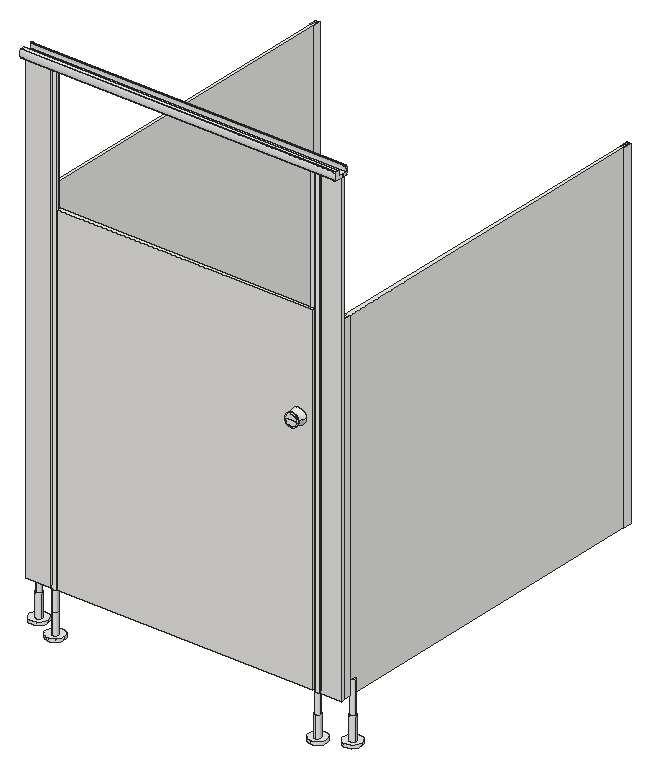
Revit family "Alsanit - Kabiny sanitarne AQUARI PRZEDSZKOLNE - HPL", category Doors, Revit 2020 (continued)
Definition of nested family "front"
  Dimensions and locks
    equal spacing: Sweep 12 sketch curve, plane 19, Sweep 12 sketch curve
    equal spacing: Sweep 12 sketch curve, plane 23, Sweep 12 sketch curve
    equal spacing: Sweep 13 sketch curve, plane 19, Sweep 13 sketch curve
    equal spacing: Sweep 13 sketch curve, plane 22, Sweep 13 sketch curve
    equal spacing: Sweep 15 sketch curve, plane 19, Sweep 15 sketch curve
    equal spacing: Sweep 15 sketch curve, plane 23, Sweep 15 sketch curve
    equal spacing: Sweep 14 sketch curve, plane 22, Sweep 14 sketch curve
    equal spacing: Sweep 14 sketch curve, plane 19, Sweep 14 sketch curve
    "Wysokość zawiasów": plane 26 to level
    equal spacing: Sweep 9 sketch curve, plane 19, Sweep 9 sketch curve
    equal spacing: Sweep 9 sketch curve, plane 23, Sweep 9 sketch curve
    equal spacing: Sweep 16 sketch curve, plane 19, Sweep 16 sketch curve
    locked: Sweep 16 sketch curve to Sweep 16 sketch curve at 9.998
    equal spacing: Sweep 18 sketch curve, plane 19, Sweep 18 sketch curve
    equal spacing: Sweep 18 sketch curve, plane 23, Sweep 18 sketch curve
    locked: Sweep 20 sketch curve to plane 4 at 5
    equal spacing: Sweep 19 sketch curve, plane 19, Sweep 19 sketch curve
    locked: Sweep 19 sketch curve to Sweep 19 sketch curve at 9.998
    equal spacing: Sweep 21 sketch curve, plane 19, Sweep 21 sketch curve
    locked: Sweep 21 sketch curve to Sweep 21 sketch curve at 9.998
    plane 27 to plane 12 = 15.00 mm
    plane 12 to plane 28 = 2.00 mm
    plane 29 to plane 27 = 3.00 mm
    "Średnica zawiasów": diameter of Sweep 10 sketch curve
    "Średnica zawiasów": diameter of Sweep 11 sketch curve
    diameter of Sweep 12 sketch curve = 24.00 mm
    diameter of Sweep 13 sketch curve = 24.00 mm
    "Średnica zawiasów": diameter of Sweep 9 sketch curve
    "Średnica zawiasów": diameter of Sweep 18 sketch curve
    "Średnica zawiasów": diameter of Sweep 8 sketch curve
    aligned and locked: level to plane 2
    aligned and locked: plane 6 to Sweep 1 sketch curve
    aligned and locked: plane 3 "Center (Left/Right)" to Sweep 1 sketch curve
    aligned and locked: plane 5 to Sweep 1 sketch curve
    aligned and locked: Sweep 1 sketch curve to plane 8
    aligned and locked: Sweep 1 sketch curve to plane 7
    aligned and locked: Sweep 1 sketch curve to plane 4
    aligned and locked: plane 13 to Sweep 4 sketch curve
    aligned and locked: plane 12 to Sweep 4 sketch curve
    aligned and locked: plane 7 to Sweep 4 sketch curve
    aligned and locked: plane 13 to Extrusion 5
    aligned and locked: plane 1 "Center (Front/Back)" to Extrusion 5
    aligned and locked: plane 8 to curve 1
    aligned and locked: curve 2 to plane 4
    aligned and locked: plane 7 to curve 2
    aligned and locked: plane 17 to curve 1
    aligned and locked: curve 4 to plane 8
    aligned and locked: plane 1 "Center (Front/Back)" to curve 5
    aligned and locked: plane 7 to curve 5
    aligned and locked: plane 5 to Sweep 8 sketch curve
    aligned and locked: plane 5 to Sweep 9 sketch curve
    aligned and locked: plane 5 to Sweep 10 sketch curve
    aligned and locked: plane 25 to Sweep 10 sketch curve
    aligned and locked: plane 5 to Sweep 11 sketch curve
    aligned and locked: plane 25 to Sweep 11 sketch curve
    aligned and locked: plane 25 to Sweep 12 sketch curve
    aligned and locked: plane 24 to Sweep 12 sketch curve
    aligned and locked: plane 25 to Sweep 13 sketch curve
    aligned and locked: plane 24 to Sweep 13 sketch curve
    aligned and locked: plane 24 to Sweep 14 sketch curve
    aligned and locked: level to Sweep 14 sketch curve
    aligned and locked: plane 24 to Sweep 15 sketch curve
    aligned and locked: level to Sweep 15 sketch curve
    aligned and locked: plane 26 to Sweep 8 sketch curve
    aligned and locked: plane 26 to Sweep 9 sketch curve
    aligned and locked: plane 26 to Sweep 16 sketch curve
    aligned and locked: plane 5 to Sweep 16 sketch curve
    aligned and locked: plane 26 to Sweep 17 sketch curve
    aligned and locked: plane 5 to Sweep 17 sketch curve
    aligned and locked: plane 23 to Sweep 17 sketch curve
    aligned and locked: Sweep 17 sketch curve to plane 19
    aligned and locked: Sweep 17 sketch curve to plane 1 "Center (Front/Back)"
    aligned and locked: Sweep 17 sketch curve to plane 13
    aligned and locked: Sweep 17 sketch curve to plane 23
    aligned and locked: plane 26 to Sweep 18 sketch curve
    aligned and locked: plane 5 to Sweep 18 sketch curve
    aligned and locked: plane 23 to Sweep 18 sketch curve
    aligned and locked: plane 26 to Sweep 19 sketch curve
    aligned and locked: plane 5 to Sweep 19 sketch curve
    aligned and locked: plane 23 to Sweep 19 sketch curve
    aligned and locked: Sweep 19 sketch curve to plane 21
    aligned and locked: plane 26 to Sweep 20 sketch curve
    aligned and locked: plane 23 to Sweep 20 sketch curve  (x2)
    aligned and locked: plane 5 to Sweep 20 sketch curve
    aligned and locked: plane 4 to Sweep 20 sketch curve
    aligned and locked: plane 26 to Sweep 21 sketch curve
    aligned and locked: plane 5 to Sweep 21 sketch curve
    aligned and locked: plane 22 to Sweep 21 sketch curve
    aligned and locked: Sweep 21 sketch curve to plane 20
    aligned and locked: curve 1 to Sweep 21 sketch curve
    aligned and locked: plane 21 to Sweep 16 sketch curve
    aligned and locked: Sweep 10 sketch curve to plane 22
    aligned and locked: Sweep 13 sketch curve to plane 22
    aligned and locked: plane 22 to Sweep 14 sketch curve
    aligned and locked: plane 23 to Sweep 11 sketch curve
    aligned and locked: Sweep 12 sketch curve to plane 23
    aligned and locked: Sweep 15 sketch curve to plane 23
    aligned and locked: Revolve 3 sketch curve to plane 28
    aligned and locked: plane 27 to Sweep 22 sketch curve
    aligned and locked: plane 28 to Sweep 22 sketch curve
    aligned and locked: plane 29 to SweptBlend 23 sketch curve
    aligned and locked: plane 27 to SweptBlend 23 sketch curve
  Automatic sketch dimensions
    Extrusion 5 sketch curve to plane 3 "Center (Left/Right)" = 0.00 mm
    Extrusion 5 sketch curve to plane 3 "Center (Left/Right)" = 9.496 mm
    Extrusion 5 sketch curve to Extrusion 5 sketch curve = 4.01 mm  (x2)
    plane 3 "Center (Left/Right)" to Extrusion 5 sketch curve = 9.496 mm
    Extrusion 5 sketch curve to plane 6 = 252.608 mm
    Extrusion 5 sketch curve to Extrusion 5 sketch curve = 5.253 mm  (x2)
    Extrusion 5 sketch curve to Extrusion 5 sketch curve = 8.198 mm  (x2)
    Extrusion 5 sketch curve to Extrusion 5 sketch curve = 9.245 mm
    Extrusion 5 sketch curve to Extrusion 5 sketch curve = 0.00 mm
    Extrusion 6 sketch curve to plane 6 = 252.608 mm
    Extrusion 6 sketch curve to Extrusion 6 sketch curve = 3.724 mm
    Extrusion 6 sketch curve to Extrusion 6 sketch curve = 6.458 mm
    Extrusion 6 sketch curve to Extrusion 6 sketch curve = 7.301 mm
    Extrusion 6 sketch curve to Extrusion 6 sketch curve = 3.101 mm
    Extrusion 6 sketch curve to Extrusion 6 sketch curve = 10.258 mm
    Extrusion 6 sketch curve to Extrusion 6 sketch curve = 4.27 mm
    Extrusion 6 sketch curve to Extrusion 6 sketch curve = 5.269 mm
    Extrusion 6 sketch curve to Extrusion 6 sketch curve = 11.338 mm
    Extrusion 6 sketch curve to Extrusion 6 sketch curve = 0.173 mm
    Extrusion 6 sketch curve to Extrusion 6 sketch curve = 3.03 mm
    Extrusion 6 sketch curve to Extrusion 6 sketch curve = 7.018 mm
    Extrusion 6 sketch curve to Extrusion 6 sketch curve = 44.934 mm
    Extrusion 6 sketch curve to Extrusion 6 sketch curve = 0.00 mm  (x3)
    Extrusion 7 sketch curve to plane 6 = 252.608 mm
    Extrusion 7 sketch curve to Extrusion 7 sketch curve = 3.724 mm
    Extrusion 7 sketch curve to Extrusion 7 sketch curve = 6.458 mm
    Extrusion 7 sketch curve to Extrusion 7 sketch curve = 7.301 mm
    Extrusion 7 sketch curve to Extrusion 7 sketch curve = 3.101 mm
    Extrusion 7 sketch curve to Extrusion 7 sketch curve = 10.258 mm
    Extrusion 7 sketch curve to Extrusion 7 sketch curve = 4.27 mm
    Extrusion 7 sketch curve to Extrusion 7 sketch curve = 5.269 mm
    Extrusion 7 sketch curve to Extrusion 7 sketch curve = 11.338 mm
    Extrusion 7 sketch curve to Extrusion 7 sketch curve = 0.173 mm
    Extrusion 7 sketch curve to Extrusion 7 sketch curve = 3.03 mm
    Extrusion 7 sketch curve to Extrusion 7 sketch curve = 7.018 mm
    Extrusion 7 sketch curve to Extrusion 7 sketch curve = 44.934 mm
    Extrusion 7 sketch curve to Extrusion 7 sketch curve = 0.00 mm  (x3)
    plane 1 "Center (Front/Back)" to Sweep 1 sketch curve = 0.00 mm
    plane 8 to Sweep 8 sketch curve = 5.26 mm
    Sweep 9 sketch curve to plane 7 = 0.274 mm
    Sweep 16 sketch curve to plane 23 = 0.00 mm
    profile plane to Sweep 16 sketch curve = 4.547 mm
    Sweep 17 sketch curve to profile plane = 2.00 mm
    Sweep 17 sketch curve to profile plane = 8.369 mm
    Sweep 17 sketch curve to Sweep 17 sketch curve = 25.273 mm
    Sweep 20 sketch curve to Sweep 20 sketch curve = 2.00 mm
    Sweep 20 sketch curve to Sweep 20 sketch curve = 31.642 mm
    Sweep 19 sketch curve to Sweep 19 sketch curve = 6.729 mm
    Revolve 2 sketch curve to plane 9 = 0.00 mm  (x2)
    Revolve 2 sketch curve to plane 4 = 0.00 mm
    plane 23 to Revolve 2 sketch curve = 5.153 mm
    Revolve 2 sketch curve to plane 10 = 16.186 mm
    Revolve 2 sketch curve to plane 10 = 24.00 mm
    Revolve 2 sketch curve to Revolve 2 sketch curve = 25.00 mm  (x2)
    Revolve 2 sketch curve to Revolve 2 sketch curve = 10.00 mm
    Revolve 3 sketch curve to plane 9 = 0.00 mm  (x3)
    plane 1 "Center (Front/Back)" to Revolve 3 sketch curve = 0.00 mm
    plane 9 to Revolve 3 sketch curve = 23.50 mm
    Revolve 3 sketch curve to Revolve 3 sketch curve = 1.50 mm
    Revolve 3 sketch curve to plane 12 = 2.881 mm
    Revolve 3 sketch curve to plane 7 = 22.143 mm
    Revolve 3 sketch curve to plane 10 = 24.00 mm
    Revolve 3 sketch curve to Revolve 3 sketch curve = 3.50 mm
    Revolve 3 sketch curve to Revolve 3 sketch curve = 4.976 mm
    Revolve 3 sketch curve to Revolve 3 sketch curve = 20.00 mm
    Revolve 3 sketch curve to Revolve 3 sketch curve = 10.00 mm
    Sweep 22 sketch curve to plane 9 = 0.00 mm
    Sweep 4 sketch curve to profile plane = 0.00 mm  (x2)
    profile plane to Sweep 4 sketch curve = 26.00 mm
    profile plane to Sweep 4 sketch curve = 16.877 mm
    Sweep 4 sketch curve to profile plane = 57.00 mm
    Sweep 4 sketch curve to profile plane = 9.00 mm
    SweptBlend 23 sketch curve to plane 9 = 0.00 mm
    profile plane to SweptBlend 23 sketch curve = 60.398 mm
    SweptBlend 23 sketch curve to SweptBlend 23 sketch curve = 0.00 mm  (x3)
    SweptBlend 23 sketch curve to SweptBlend 23 sketch curve = 0.105 mm
    SweptBlend 23 sketch curve to profile plane = 8.41 mm
    level to SweptBlend 23 sketch curve = 1108.003 mm
    SweptBlend 23 sketch curve to SweptBlend 23 sketch curve = 1.997 mm
    SweptBlend 23 sketch curve to SweptBlend 23 sketch curve = 0.293 mm  (x2)
    SweptBlend 23 sketch curve to SweptBlend 23 sketch curve = 5.588 mm
    profile plane to Sweep 22 sketch curve = 60.555 mm
    Sweep 22 sketch curve to Sweep 22 sketch curve = 0.00 mm
    Sweep 22 sketch curve to Sweep 22 sketch curve = 0.262 mm
    Sweep 22 sketch curve to profile plane = 7.195 mm  (x2)
    Sweep 22 sketch curve to profile plane = 7.643 mm
    level to Sweep 22 sketch curve = 1101.456 mm
    Sweep 22 sketch curve to Sweep 22 sketch curve = 3.551 mm
    Sweep 22 sketch curve to Sweep 22 sketch curve = 8.544 mm
    Sweep 22 sketch curve to Sweep 22 sketch curve = 4.993 mm
    profile plane to SweptBlend 23 sketch curve = 60.555 mm
    SweptBlend 23 sketch curve to SweptBlend 23 sketch curve = 0.262 mm
    SweptBlend 23 sketch curve to profile plane = 7.195 mm  (x2)
    level to SweptBlend 23 sketch curve = 1101.456 mm
    SweptBlend 23 sketch curve to SweptBlend 23 sketch curve = 4.993 mm
    SweptBlend 23 sketch curve to SweptBlend 23 sketch curve = 3.551 mm
    SweptBlend 23 sketch curve to SweptBlend 23 sketch curve = 17.088 mm
    SweptBlend 23 sketch curve to profile plane = 7.643 mm
    Sweep 8 sketch curve to Sweep 8 sketch curve = 0.00 mm  (x2)
    plane 1 "Center (Front/Back)" to Sweep 8 sketch curve = 0.00 mm  (x2)
    Sweep 8 sketch curve to profile plane = 6.24 mm
    radius of Sweep 15 sketch curve = 35.00 mm
    radius of Sweep 14 sketch curve = 35.00 mm
Types (2, lengths in mm): name | Thickness | Szerokość wewnętrzna modułu (min. 1000) | Szerokość wewnętrzna modułu | Szerokość drzwi (max. 1000 mm) | Szerokość zewnętrzna modułu | Szerokość obliczona | Szerokość drzwi | Prawe odsunięcie osi | Odsunięcie prawej ścianki od osi (min. 60 mm) | Lewe odsunięcie osi | Odsunięcie lewej ścianki od osi (min. 60 mm) | Grubość ścianki
  10mm | 10.00 | 1000.00 | 1000.00 | 800.00 | 1026.00 | 1000.00 | 800.00 | 8.00 | 100.00 | 8.00 | 110.00 | 10.00
  12mm | 12.00 | 1200.00 | 1200.00 | 1000.00 | 1230.00 | 1200.00 | 1000.00 | 9.00 | 101.00 | 9.00 | 111.00 | 12.00
